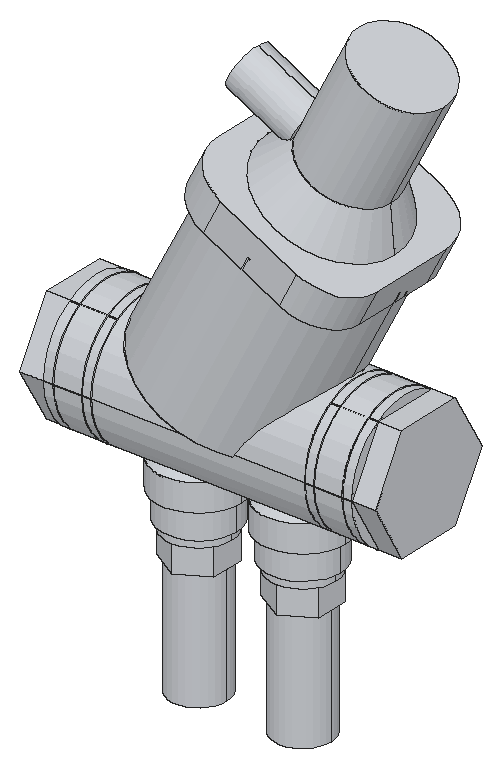
Revit family "PV_Compact_DN015_ 20-60_FF_měř_RFA_2018", category Pipe Accessories, Revit 2018
Family settings
  Round Connector Dimension = Use Diameter
  Part Type = Valve - Breaks Into
  Work Plane-Based = No
  Always vertical = Yes
  Cut with Voids When Loaded = No
  Shared = No
Parameters (values of type "PV Compact DN15 FF s měřením ( 20-60kPa)")
  magiProductId = "92c6061b2d364c498536f200ceae3f"
  magiProductFamilyId = "17221e4467384e4990f0bd3f9c07cb"
  magiPartTypeId = 304
  isMeasuringValve [instance] = no
  ang2D [instance] = 0.00°
  Z7 = 15 mm
  Z6 = 24.6 mm
  Z5 = 57.4 mm
  Z4 = 49.2 mm
  Z3 = 8.2 mm
  Z2 = 41 mm
  XR3 = 30 mm
  XR2 = 25 mm
  XR1 = 13 mm
  W2D = 15 mm
  VersionID = "2.0/2018.12.13.2/FRESE_PV_COMPACT_PLUG_Q13_001"
  Use Minimum Symbol Size [instance] = no
  URL = "www.hydronic.cz"
  Type Comments = "závitový s vnitřním závitem; dvěma měřicími vsuvkami; PN25; dpmax=450kPa; -10~+120°C;"
  R5 = 5 mm
  R4 = 15 mm
  R3 = 10 mm
  R2 = 14 mm
  R1 = 19 mm
  QmdConnectorList = "301;D;302;D"
  Productdata [instance] = ""
  PH__ve = -PH  # -22.4 mm
  PH = 22.4 mm
  NL__ve = -NL  # -15 mm
  NL = 15 mm
  Manufacturer = "Hydronic Systems Prague s.r.o."
  MC Use Limits From Balancing Method = no
  MC Throttling Minimum Value = 0
  MC Throttling Maximum Value = 0
  MC Product Code = "53-3205 DN15; FF; nastavitelný rozsah dp=20~60kPa; Q=100~1000l/h;  kvs=2,9"
  MC Pressure Drop Minimum Value = 0.0 Pa
  MC Pressure Drop Maximum Value = 0.0 Pa
  MC Piping Given Pressure Drop [instance] = 0.0 Pa
  M5 = 32.5 mm
  M4 = 30.5 mm
  M3 = 24.5 mm
  M2 = 22.5 mm
  LP = 37.5 mm
  LM = 45 mm
  LL__ve = -LL  # -5.7 mm
  LLT__ve = -LLT  # -14.9 mm
  LLT = 14.9 mm
  LL2 = 32 mm
  LL = 5.7 mm
  L3 = 11 mm
  L2D_Min = 30.48 mm
  L2D = 65 mm
  Description = "Nastavitelný regulátor tlakové diference"
  DR1 = no
  DR0 = yes
  DL2 = 66 mm
  D = 15 mm
  CenSd_R2_6 = R2 * cos(30.00°)  # 12.124 mm
  CAT0 = yes
  C0D1 = no
  C0D0 = yes
Types (10, lengths in mm): name | magiProductId | Z6 | Z5 | Z4 | Z3 | Z2 | XR3 | XR2 | XR1 | R2 | R1 | PH__ve | PH | NL__ve | NL | MC Product Code | M5 | M4 | M3 | M2 | LP | LM | LL__ve | LLT__ve | LLT | LL2 | LL | L3 | D | CenSd_R2_6
  PV Compact DN15 FF s měřením ( 20-60kPa) | "92c6061b2d364c498536f200ceae3f" | 24.6 | 57.4 | 49.2 | 8.2 | 41 | 30 | 25 | 13 | 14 | 19 | -22.4 | 22.4 | -15 | 15 | "53-3205 DN15; FF; nastavitelný rozsah dp=20~60kPa; Q=100~1000l/h;  kvs=2,9" | 32.5 | 30.5 | 24.5 | 22.5 | 37.5 | 45 | -5.7 | -14.9 | 14.9 | 32 | 5.7 | 11 | 15 | 12.124
  PV Compact DN15 FF s měřením (  5-30kPa) | "f361d342a5c3496a8b127ae77303d4" | 24.6 | 57.4 | 49.2 | 8.2 | 41 | 30 | 25 | 13 | 14 | 19 | -22.4 | 22.4 | -15 | 15 | "53-3204 DN15; FF; nastavitelný rozsah dp=5~30kPa; Q=50~600l/h;  kvs=2,9" | 32.5 | 30.5 | 24.5 | 22.5 | 37.5 | 45 | -5.7 | -14.9 | 14.9 | 32 | 5.7 | 11 | 15 | 12.124
  PV Compact DN20 FF s měřením ( 20-60kPa) | "9f7cac6a20a942348ba3edadb25c10" | 24.6 | 57.4 | 49.2 | 8.2 | 41 | 30 | 25 | 13 | 14 | 19 | -22.4 | 22.4 | -15.8 | 15.8 | "53-3207 DN20; FF; nastavitelný rozsah dp=20~60kPa; Q=150~2000l/h;  kvs=3,5" | 33.7 | 31.7 | 25.7 | 23.7 | 39.5 | 47.4 | -5.7 | -14.9 | 14.9 | 32 | 5.7 | 11 | 20 | 12.124
  PV Compact DN20 FF s měřením (  5-30kPa) | "db23a1b537c14a0d8d3ef5b88ba9f3" | 24.6 | 57.4 | 49.2 | 8.2 | 41 | 30 | 25 | 13 | 14 | 19 | -22.4 | 22.4 | -15.8 | 15.8 | "53-3206 DN20; FF; nastavitelný rozsah dp=5~30kPa; Q=100~1000l/h;  kvs=3,5" | 33.7 | 31.7 | 25.7 | 23.7 | 39.5 | 47.4 | -5.7 | -14.9 | 14.9 | 32 | 5.7 | 11 | 20 | 12.124
  PV Compact DN25 FF s měřením (  5-30kPa) | "df9f1d59aa4a4bbbaec25e168ba07d" | 25.5 | 59.5 | 51 | 8.5 | 42.5 | 30 | 25 | 13 | 14 | 19 | -20.8 | 20.8 | -16.6 | 16.6 | "53-3208 DN25; FF; nastavitelný rozsah dp=5~30kPa; Q=600~2100l/h;  kvs=4,0" | 34.9 | 32.9 | 26.9 | 24.9 | 41.5 | 49.8 | -5.9 | -16.3 | 16.3 | 34 | 5.9 | 11 | 25 | 12.124
  PV Compact DN25L FF s měřením ( 20-80kPa) | "87b7cca8bace4074a54840dfb5d8dc" | 40.2 | 93.8 | 80.4 | 13.4 | 67 | 42.5 | 37.5 | 25.5 | 26.5 | 31.5 | -17.6 | 17.6 | -20 | 20 | "53-3211 DN25L; FF; nastavitelný rozsah dp=20~80kPa; Q=750~4200l/h;  kvs=8,7" | 40 | 38 | 32 | 30 | 50 | 60 | -6.3 | -19.1 | 19.1 | 38 | 6.3 | 11 | 25 | 22.95
  PV Compact DN25L FF s měřením (  5-30kPa) | "5f34f6c18cbb44599cc4b76a533b7b" | 40.2 | 93.8 | 80.4 | 13.4 | 67 | 42.5 | 37.5 | 25.5 | 26.5 | 31.5 | -17.6 | 17.6 | -20 | 20 | "53-3210 DN25L; FF; nastavitelný rozsah dp=5~30kPa; Q=600~2500l/h;  kvs=8,7" | 40 | 38 | 32 | 30 | 50 | 60 | -6.3 | -19.1 | 19.1 | 38 | 6.3 | 11 | 25 | 22.95
  PV Compact DN32 FF s měřením ( 20-80kPa) | "4a8a1c2c3ced401aa76adec660b182" | 40.2 | 93.8 | 80.4 | 13.4 | 67 | 42.5 | 37.5 | 25.5 | 26.5 | 31.5 | -13.6 | 13.6 | -20.8 | 20.8 | "53-3214 DN32; FF; nastavitelný rozsah dp=20~80kPa; Q=1000~5000l/h;  kvs=10,1" | 41.2 | 39.2 | 33.2 | 31.2 | 52 | 62.4 | -6.8 | -22.6 | 22.6 | 43 | 6.8 | 25 | 32 | 22.95
  PV Compact DN40 FF s měřením ( 20-80kPa) | "8dd334465d8f48dd802c3dab6bec5b" | 46.8 | 109.2 | 93.6 | 15.6 | 78 | 42.5 | 37.5 | 25.5 | 26.5 | 31.5 | -11.2 | 11.2 | -27.6 | 27.6 | "53-3216 DN40; FF; nastavitelný rozsah dp=20~80kPa; Q=3000~8000l/h;  kvs=15,8" | 51.4 | 49.4 | 43.4 | 41.4 | 69 | 82.8 | -7.1 | -24.7 | 24.7 | 46 | 7.1 | 25 | 40 | 22.95
  PV Compact DN50 FF s měřením ( 20-80kPa) | "de24153ded7e41748f92358b184bd6" | 46.8 | 109.2 | 93.6 | 15.6 | 78 | 42.5 | 37.5 | 25.5 | 35.25 | 31.5 | -6.4 | 6.4 | -27.6 | 27.6 | "53-3218 DN50; FF; nastavitelný rozsah dp=20~80kPa; Q=5000~11500l/h;  kvs=16,2" | 51.4 | 49.4 | 43.4 | 41.4 | 69 | 82.8 | -7.7 | -28.9 | 28.9 | 52 | 7.7 | 25 | 50 | 30.527
Reference planes
  plane 1 "Center (Front/Back)": y = 0
  plane 2 "XYPLANE": z = 0
  plane 3 "Center (Left/Right)": x = 0
  plane 4 "408": x = 37.5
  plane 5 "407": x = -37.5
  plane 6 "402": z = -66
  plane 7 "213": x = 11
  plane 8 "168": z = -10.9
  plane 9 "167": z = -12.9
  plane 10 "166": z = -18.6
  plane 11 "165": z = -24.3
  plane 12 "164": z = -26.3
  plane 13 "154": z = 0
  plane 14 "152": y = 0
  plane 15 "151": z = -32
  plane 16 "150": x = -11
  plane 17 "75": through (318.218, 0, 679.605) normal (0.891, 0, -0.454)
  plane 18 "74": x = 32.5
  plane 19 "73": x = 30.5
  plane 20 "72": x = 24.5
  plane 21 "71": x = 22.5
  plane 22 "70": x = -32.5
  plane 23 "69": x = -30.5
  plane 24 "68": x = -24.5
  plane 25 "67": y = 0
  plane 26 "66": through (-666.893, 0, 343.166) normal (0.454, 0, 0.891)
  plane 27 "65": x = -22.5
  plane 28 "64": through (335.147, 0, 670.979) normal (0.891, 0, -0.454)
  plane 29 "63": through (-649.641, 0, 377.024) normal (0.454, 0, 0.891)
  plane 30 "62": through (352.076, 0, 662.353) normal (0.891, 0, -0.454)
  plane 31 "61": y = 19
  plane 32 "60": y = -19
  plane 33 "59": through (-645.919, 0, 384.33) normal (0.454, 0, 0.891)
  plane 34 "58": through (-642.196, 0, 391.637) normal (0.454, 0, 0.891)
  plane 35 "57": through (313.763, 0, 681.875) normal (0.891, 0, -0.454)
  plane 36 "56": x = 0
  plane 37 "55": through (-668.255, 0, 340.493) normal (0.454, 0, 0.891)
  plane 38 "102XY": through (-668.255, 0, 340.493) normal (0.454, 0, 0.891)
  plane 39 "102XZ": y = 0
  plane 40 "102YZ": through (340.493, 0, 668.255) normal (0.891, 0, -0.454)
Forms (mm)
  Extrusion 1, solid
    sketch origin (37.5, -750, 0) x (0, 1, 0) y (0, 0, 1)
      loop
        line (764, 0) -> (757, 12.124) -> (743, 12.124) -> (736, 0) -> (743, -12.124) -> (757, -12.124) -> (764, 0)
    from 0 to -15 <- "NL__ve"
  Extrusion 2, solid
    sketch origin (-37.5, -750, 0) x (0, 1, 0) y (0, 0, 1)
      loop
        line (736, 0) -> (743, -12.124) -> (757, -12.124) -> (764, 0) -> (757, 12.124) -> (743, 12.124) -> (736, 0)
    from 0 to 15 <- "NL"
  Extrusion 3, solid, visible <- "C0D1"
    sketch origin (-750, 0, -66) x (1, 0, 0) y (0, 1, 0)
      loop
        circle (761, 0) r 10
    from 0 to 50
  Extrusion 4, solid, visible <- "DR1"
    sketch origin (-750, 0, -18.6) x (1, 0, 0) y (0, 1, 0)
      loop
        line (761, -12) -> (771.392, -6) -> (771.392, 6) -> (761, 12) -> (750.608, 6) -> (750.608, -6) -> (761, -12)
    from 0 to -22.4 <- "PH__ve"
  Extrusion 5, solid, visible <- "DR1"
    sketch origin (-750, 0, -18.6) x (1, 0, 0) y (0, 1, 0)
      loop
        circle (761, 0) r 10
    from 0 to 5.7 <- "LL"
  Blend 6, solid, visible <- "DR1"
    base sketch origin (-750, 0, -10.9) x (1, 0, 0) y (0, 1, 0)
      loop
        circle (761, 0) r 7.5
    top sketch origin (-750, 0, -10.9) x (1, 0, 0) y (0, 1, 0)
      loop
        circle (761, 0) r 10
    from 0 to -2
  Extrusion 7, solid, visible <- "DR1"
    sketch origin (-750, 0, 0) x (1, 0, 0) y (0, 1, 0)
      loop
        circle (761, 0) r 7.5
    from 0 to -14.9 <- "LLT__ve"
  Extrusion 8, solid, visible <- "C0D0"
    sketch origin (-750, 0, -32) x (1, 0, 0) y (0, 1, 0)
      loop
        circle (761, 0) r 6
    from 0 to -25
  Extrusion 9, solid, visible <- "DR0"
    sketch origin (-750, 0, -26.3) x (1, 0, 0) y (0, 1, 0)
      loop
        line (761, -7) -> (767.062, -3.5) -> (767.062, 3.5) -> (761, 7) -> (754.938, 3.5) -> (754.938, -3.5) -> (761, -7)
    from 0 to -5.7 <- "LL__ve"
  Extrusion 10, solid, visible <- "DR0"
    sketch origin (-750, 0, -26.3) x (1, 0, 0) y (0, 1, 0)
      loop
        circle (761, 0) r 7
    from 0 to 2
  Extrusion 11, solid, visible <- "DR0"
    sketch origin (-750, 0, -18.6) x (1, 0, 0) y (0, 1, 0)
      loop
        circle (761, 0) r 9
    from 0 to 5.7 <- "LL"
  Blend 12, solid, visible <- "DR0"
    base sketch origin (-750, 0, -10.9) x (1, 0, 0) y (0, 1, 0)
      loop
        circle (761, 0) r 6.5
    top sketch origin (-750, 0, -10.9) x (1, 0, 0) y (0, 1, 0)
      loop
        circle (761, 0) r 9
    from 0 to -2
  Extrusion 13, solid, visible <- "DR0"
    sketch origin (-750, 0, 0) x (1, 0, 0) y (0, 1, 0)
      loop
        circle (761, 0) r 6.5
    from 0 to -14.9 <- "LLT__ve"
  Extrusion 14, solid, visible <- "DR0"
    sketch origin (-750, 0, 0) x (1, 0, 0) y (0, 1, 0)
      loop
        circle (761, 0) r 6.5
    from 0 to -14.9 <- "LLT__ve"
  Blend 15, solid, visible <- "DR0"
    base sketch origin (-750, 0, -10.9) x (1, 0, 0) y (0, 1, 0)
      loop
        circle (761, 0) r 6.5
    top sketch origin (-750, 0, -10.9) x (1, 0, 0) y (0, 1, 0)
      loop
        circle (761, 0) r 9
    from 0 to -2
  Extrusion 16, solid, visible <- "DR0"
    sketch origin (-750, 0, -18.6) x (1, 0, 0) y (0, 1, 0)
      loop
        circle (761, 0) r 9
    from 0 to 5.7 <- "LL"
  Extrusion 17, solid, visible <- "DR0"
    sketch origin (-750, 0, -24.3) x (1, 0, 0) y (0, 1, 0)
      loop
        circle (761, 0) r 8
    from 0 to 5.7 <- "LL"
  Extrusion 18, solid, visible <- "DR0"
    sketch origin (-750, 0, -26.3) x (1, 0, 0) y (0, 1, 0)
      loop
        circle (761, 0) r 7
    from 0 to 2
  Extrusion 19, solid, visible <- "DR0"
    sketch origin (-750, 0, -26.3) x (1, 0, 0) y (0, 1, 0)
      loop
        line (761, -7) -> (767.062, -3.5) -> (767.062, 3.5) -> (761, 7) -> (754.938, 3.5) -> (754.938, -3.5) -> (761, -7)
    from 0 to -5.7 <- "LL__ve"
  Extrusion 20, solid, visible <- "C0D0"
    sketch origin (-750, 0, -32) x (1, 0, 0) y (0, 1, 0)
      loop
        circle (761, 0) r 6
    from 0 to -25
  Extrusion 21, solid, visible <- "CAT0"
    sketch origin (-750, 0, -32) x (1, 0, 0) y (0, 1, 0)
      loop
        circle (739, 0) r 6
    from 0 to -25
  Extrusion 22, solid
    sketch origin (-750, 0, -26.3) x (1, 0, 0) y (0, 1, 0)
      loop
        line (739, -7) -> (745.062, -3.5) -> (745.062, 3.5) -> (739, 7) -> (732.938, 3.5) -> (732.938, -3.5) -> (739, -7)
    from 0 to -5.7 <- "LL__ve"
  Extrusion 23, solid
    sketch origin (-750, 0, -26.3) x (1, 0, 0) y (0, 1, 0)
      loop
        circle (739, 0) r 7
    from 0 to 2
  Extrusion 24, solid
    sketch origin (-750, 0, -24.3) x (1, 0, 0) y (0, 1, 0)
      loop
        circle (739, 0) r 8
    from 0 to 5.7 <- "LL"
  Extrusion 25, solid
    sketch origin (-750, 0, -18.6) x (1, 0, 0) y (0, 1, 0)
      loop
        circle (739, 0) r 9
    from 0 to 5.7 <- "LL"
  Blend 26, solid
    base sketch origin (-750, 0, -10.9) x (1, 0, 0) y (0, 1, 0)
      loop
        circle (739, 0) r 6.5
    top sketch origin (-750, 0, -10.9) x (1, 0, 0) y (0, 1, 0)
      loop
        circle (739, 0) r 9
    from 0 to -2
  Extrusion 27, solid
    sketch origin (-750, 0, 0) x (1, 0, 0) y (0, 1, 0)
      loop
        circle (739, 0) r 6.5
    from 0 to -14.9 <- "LLT__ve"
  Blend 28, solid, visible <- "CAT0"
    base sketch origin (30.5, -750, 0) x (0, 1, 0) y (0, 0, 1)
      loop
        circle (750, 0) r 14
    top sketch origin (30.5, -750, 0) x (0, 1, 0) y (0, 0, 1)
      loop
        circle (750, 0) r 14
    from 0 to 2
  Extrusion 29, solid, visible <- "CAT0"
    sketch origin (24.5, -750, 0) x (0, 1, 0) y (0, 0, 1)
      loop
        circle (750, 0) r 14
    from 0 to 6
  Blend 30, solid, visible <- "CAT0"
    base sketch origin (22.5, -750, 0) x (0, 1, 0) y (0, 0, 1)
      loop
        circle (750, 0) r 14
    top sketch origin (22.5, -750, 0) x (0, 1, 0) y (0, 0, 1)
      loop
        circle (750, 0) r 14
    from 0 to 2
  Blend 31, solid, visible <- "CAT0"
    base sketch origin (-30.5, -750, 0) x (0, 1, 0) y (0, 0, 1)
      loop
        circle (750, 0) r 14
    top sketch origin (-30.5, -750, 0) x (0, 1, 0) y (0, 0, 1)
      loop
        circle (750, 0) r 14
    from 0 to -2
  Extrusion 32, solid, visible <- "CAT0"
    sketch origin (-30.5, -750, 0) x (0, 1, 0) y (0, 0, 1)
      loop
        circle (750, 0) r 14
    from 0 to 6
  Blend 33, solid, visible <- "CAT0"
    base sketch origin (-24.5, -750, 0) x (0, 1, 0) y (0, 0, 1)
      loop
        circle (750, 0) r 14
    top sketch origin (-24.5, -750, 0) x (0, 1, 0) y (0, 0, 1)
      loop
        circle (750, 0) r 14
    from 0 to 2
  Extrusion 34, solid, visible <- "CAT0"
    sketch origin (-22.5, -750, 0) x (0, 1, 0) y (0, 0, 1)
      loop
        circle (750, 0) r 14
    from 0 to 45 <- "LM"
  Extrusion 35, solid, visible <- "CAT0"
    sketch origin (-666.893, 0, 343.166) x (0.891007, 0, -0.45399) y (0, 1, 0)
      loop
        circle (744, 0) r 19
    from 0 to 41 <- "Z2"
  Extrusion 36, solid, visible <- "CAT0"
    sketch origin (-649.641, 0, 377.024) x (0.891007, 0, -0.45399) y (0, 1, 0)
      loop
        arc (735, 19) -> (727.929, 16.071) -> (725, 9) r 10
        line (725, 9) -> (725, -9)
        arc (725, -9) -> (727.929, -16.071) -> (735, -19) r 10
        line (735, -19) -> (753, -19)
        arc (753, -19) -> (760.071, -16.071) -> (763, -9) r 10
        line (763, -9) -> (763, 9)
        arc (763, 9) -> (760.071, 16.071) -> (753, 19) r 10
        line (753, 19) -> (735, 19)
    from 0 to 8.2 <- "Z3"
  Blend 37, solid, visible <- "CAT0"
    base sketch origin (-645.919, 0, 384.33) x (0.891007, 0, -0.45399) y (0, 1, 0)
      loop
        circle (744, 0) r 15
    top sketch origin (-645.919, 0, 384.33) x (0.891007, 0, -0.45399) y (0, 1, 0)
      loop
        circle (744, 0) r 10
    from 0 to 8.2
  Extrusion 38, solid, visible <- "CAT0"
    sketch origin (-642.196, 0, 391.637) x (0.891007, 0, -0.45399) y (0, 1, 0)
      loop
        circle (744, 0) r 10
    from 0 to 24.6 <- "Z6"
  Extrusion 39, solid, visible <- "CAT0"
    sketch origin (313.763, 0, 681.875) x (-0.45399, 0, -0.891007) y (0, 1, 0)
      loop
        circle (692.6, 0) r 5
    from 0 to 15 <- "Z7"
  Blend 40, solid, visible <- "CAT0"
    base sketch origin (-668.255, 0, 340.493) x (0.891007, 0, -0.45399) y (0, 1, 0)
      loop
        circle (744, 0) r 15
    top sketch origin (-668.255, 0, 340.493) x (0.891007, 0, -0.45399) y (0, 1, 0)
      loop
        circle (744, 0) r 19
    from 0 to 3
  Extrusion 41, solid, not visible
    sketch origin (-32.5, -750, 0) x (0, 1, 0) y (0, 0, 1)
      loop
        circle (750, 0) r 10
    from 0 to 10
  Extrusion 42, solid, not visible
    sketch origin (32.5, -750, 0) x (0, 1, 0) y (0, 0, 1)
      loop
        circle (750, 0) r 10
    from 0 to -10
Lines and regions (mm)
  reference lines, not visible
    curve 1: circle (2, 2, 0) r 1 normal (0, 0, 1)
  reference lines
    curve 2: line (37.5, 0, 0) -> (37.5, -3.5, 6.062)
    curve 3: line (37.5, 0, 0) -> (37.5, -7, 0)
    curve 4: line (37.5, 0, 0) -> (37.5, -3.5, -6.062)
    curve 5: line (-37.5, 0, 0) -> (-37.5, 3.5, 6.062)
    curve 6: line (-37.5, 0, 0) -> (-37.5, 7, 0)
    curve 7: line (-37.5, 0, 0) -> (-37.5, 3.5, -6.062)
Dimensions and locks
  plane 1 "Center (Front/Back)" to curve 1 = 2 mm
  "LP": plane 36 "56" to plane 4 "408"
  "LP": plane 36 "56" to plane 5 "407"
  "DL2": plane 2 "XYPLANE" to plane 6 "402"
  "L3": plane 3 "Center (Left/Right)" to plane 7 "213"
  locked: plane 9 "167" to plane 8 "168" at 2
  "LL": plane 10 "166" to plane 9 "167"
  "LL": plane 11 "165" to plane 10 "166"
  locked: plane 12 "164" to plane 11 "165" at 2
  "LL": plane 15 "151" to plane 12 "164"
  locked: plane 2 "XYPLANE" to plane 13 "154"
  locked: plane 1 "Center (Front/Back)" to plane 14 "152"
  "LL2": plane 2 "XYPLANE" to plane 15 "151"
  "L3": plane 3 "Center (Left/Right)" to plane 16 "150"
  "XR2": plane 40 "102YZ" to plane 17 "75"
  "M5": plane 3 "Center (Left/Right)" to plane 18 "74"
  "M4": plane 3 "Center (Left/Right)" to plane 19 "73"
  "M3": plane 3 "Center (Left/Right)" to plane 20 "72"
  "M2": plane 3 "Center (Left/Right)" to plane 21 "71"
  "M5": plane 3 "Center (Left/Right)" to plane 22 "70"
  "M4": plane 3 "Center (Left/Right)" to plane 23 "69"
  "M3": plane 3 "Center (Left/Right)" to plane 24 "68"
  locked: plane 14 "152" to plane 25 "67"
  locked: plane 38 "102XY" to plane 26 "66" at 3
  "M2": plane 3 "Center (Left/Right)" to plane 27 "65"
  locked: plane 40 "102YZ" to plane 28 "64" at 6
  "Z2": plane 38 "102XY" to plane 29 "63"
  "XR1": plane 40 "102YZ" to plane 30 "62"
  "R1": plane 14 "152" to plane 31 "61"
  "R1": plane 14 "152" to plane 32 "60"
  "Z4": plane 38 "102XY" to plane 33 "59"
  "Z5": plane 38 "102XY" to plane 34 "58"
  "XR3": plane 40 "102YZ" to plane 35 "57"
  locked: plane 3 "Center (Left/Right)" to plane 36 "56"
  locked: plane 38 "102XY" to plane 37 "55"
  "CenSd_R2_6": curve 2 to Extrusion 1 sketch curve  (x2)
  "CenSd_R2_6": curve 3 to Extrusion 1 sketch curve  (x2)
  "CenSd_R2_6": curve 4 to Extrusion 1 sketch curve  (x2)
  Extrusion 1 sketch curve to Extrusion 1 sketch curve = 0 mm  (x12)
  "CenSd_R2_6": curve 5 to Extrusion 2 sketch curve  (x2)
  "CenSd_R2_6": curve 6 to Extrusion 2 sketch curve  (x2)
  "CenSd_R2_6": curve 7 to Extrusion 2 sketch curve  (x2)
  Extrusion 2 sketch curve to Extrusion 2 sketch curve = 0 mm  (x12)
  Extrusion 4 sketch curve to Extrusion 4 sketch curve = 0 mm  (x12)
  Extrusion 9 sketch curve to Extrusion 9 sketch curve = 0 mm  (x12)
  Extrusion 19 sketch curve to Extrusion 19 sketch curve = 0 mm  (x12)
  Extrusion 22 sketch curve to Extrusion 22 sketch curve = 0 mm  (x12)
  Extrusion 36 sketch curve to Extrusion 36 sketch curve = 0 mm  (x16)
  "R2": radius of Blend 28 sketch curve  (x2)
  "R2": radius of Extrusion 29 sketch curve
  "R2": radius of Blend 30 sketch curve  (x2)
  "R2": radius of Blend 31 sketch curve  (x2)
  "R2": radius of Extrusion 32 sketch curve
  "R2": radius of Blend 33 sketch curve  (x2)
  "R2": radius of Extrusion 34 sketch curve
  "R1": radius of Extrusion 35 sketch curve
  radius of Extrusion 36 sketch curve = 10 mm  (x4)
  "R3": radius of Blend 37 sketch curve
  "R4": radius of Blend 37 sketch curve
  "R3": radius of Extrusion 38 sketch curve
  "R5": radius of Extrusion 39 sketch curve
  "R1": radius of Blend 40 sketch curve
  locked: curve 3 to curve 2 (angle 60.00°)
  locked: curve 4 to curve 3 (angle 60.00°)
  locked: curve 4 to curve 2 (angle 120.00°)
  locked: curve 6 to curve 5 (angle 60.00°)
  locked: curve 7 to curve 6 (angle 60.00°)
  locked: curve 7 to curve 5 (angle 120.00°)
  aligned and locked: level to plane 2 "XYPLANE"
  aligned and locked: plane 13 "154" to curve 4
  aligned and locked: curve 4 to plane 14 "152"
  aligned and locked: plane 13 "154" to curve 7
  aligned and locked: curve 7 to plane 14 "152"
  aligned and locked: plane 7 "213" to Extrusion 3 sketch curve
  aligned and locked: plane 14 "152" to Extrusion 3 sketch curve
  aligned and locked: plane 7 "213" to Extrusion 5 sketch curve
  aligned and locked: plane 14 "152" to Extrusion 5 sketch curve
  aligned and locked: plane 7 "213" to Blend 6 sketch curve  (x2)
  aligned and locked: plane 14 "152" to Blend 6 sketch curve  (x2)
  aligned and locked: Blend 6 to plane 9 "167"
  aligned and locked: plane 7 "213" to Extrusion 7 sketch curve
  aligned and locked: plane 14 "152" to Extrusion 7 sketch curve
  aligned and locked: plane 7 "213" to Extrusion 8 sketch curve
  aligned and locked: plane 14 "152" to Extrusion 8 sketch curve
  aligned and locked: plane 7 "213" to Extrusion 10 sketch curve
  aligned and locked: plane 14 "152" to Extrusion 10 sketch curve
  aligned and locked: plane 7 "213" to Extrusion 11 sketch curve
  aligned and locked: plane 14 "152" to Extrusion 11 sketch curve
  aligned and locked: plane 7 "213" to Blend 12 sketch curve  (x2)
  aligned and locked: plane 14 "152" to Blend 12 sketch curve  (x2)
  aligned and locked: Blend 12 to plane 9 "167"
  aligned and locked: plane 7 "213" to Extrusion 13 sketch curve
  aligned and locked: plane 14 "152" to Extrusion 13 sketch curve
  aligned and locked: plane 7 "213" to Extrusion 14 sketch curve
  aligned and locked: plane 14 "152" to Extrusion 14 sketch curve
  aligned and locked: plane 7 "213" to Blend 15 sketch curve  (x2)
  aligned and locked: plane 14 "152" to Blend 15 sketch curve  (x2)
  aligned and locked: Blend 15 to plane 9 "167"
  aligned and locked: plane 7 "213" to Extrusion 16 sketch curve
  aligned and locked: plane 14 "152" to Extrusion 16 sketch curve
  aligned and locked: plane 7 "213" to Extrusion 17 sketch curve
  aligned and locked: plane 14 "152" to Extrusion 17 sketch curve
  aligned and locked: plane 7 "213" to Extrusion 18 sketch curve
  aligned and locked: plane 14 "152" to Extrusion 18 sketch curve
  aligned and locked: plane 7 "213" to Extrusion 20 sketch curve
  aligned and locked: plane 14 "152" to Extrusion 20 sketch curve
  aligned and locked: plane 14 "152" to Extrusion 21 sketch curve
  aligned and locked: plane 16 "150" to Extrusion 21 sketch curve
  aligned and locked: plane 14 "152" to Extrusion 23 sketch curve
  aligned and locked: plane 16 "150" to Extrusion 23 sketch curve
  aligned and locked: plane 14 "152" to Extrusion 24 sketch curve
  aligned and locked: plane 16 "150" to Extrusion 24 sketch curve
  aligned and locked: plane 14 "152" to Extrusion 25 sketch curve
  aligned and locked: plane 16 "150" to Extrusion 25 sketch curve
  aligned and locked: plane 14 "152" to Blend 26 sketch curve  (x2)
  aligned and locked: plane 16 "150" to Blend 26 sketch curve  (x2)
  aligned and locked: Blend 26 to plane 9 "167"
  aligned and locked: plane 14 "152" to Extrusion 27 sketch curve
  aligned and locked: plane 16 "150" to Extrusion 27 sketch curve
  aligned and locked: plane 13 "154" to Blend 28 sketch curve  (x2)
  aligned and locked: Blend 28 sketch curve to plane 14 "152"  (x2)
  aligned and locked: plane 18 "74" to Blend 28
  aligned and locked: plane 13 "154" to Extrusion 29 sketch curve
  aligned and locked: Extrusion 29 sketch curve to plane 14 "152"
  aligned and locked: plane 13 "154" to Blend 30 sketch curve  (x2)
  aligned and locked: Blend 30 sketch curve to plane 14 "152"  (x2)
  aligned and locked: plane 20 "72" to Blend 30
  aligned and locked: plane 13 "154" to Blend 31 sketch curve  (x2)
  aligned and locked: Blend 31 sketch curve to plane 14 "152"  (x2)
  aligned and locked: Blend 31 to plane 22 "70"
  aligned and locked: plane 13 "154" to Extrusion 32 sketch curve
  aligned and locked: Extrusion 32 sketch curve to plane 14 "152"
  aligned and locked: plane 13 "154" to Blend 33 sketch curve  (x2)
  aligned and locked: Blend 33 sketch curve to plane 14 "152"  (x2)
  aligned and locked: plane 27 "65" to Blend 33
  aligned and locked: plane 13 "154" to Extrusion 34 sketch curve
  aligned and locked: Extrusion 34 sketch curve to plane 14 "152"
  aligned and locked: plane 25 "67" to Extrusion 35 sketch curve
  aligned and locked: Extrusion 35 sketch curve to plane 28 "64"
  aligned and locked: Extrusion 36 sketch curve to plane 17 "75"
  aligned and locked: Extrusion 36 sketch curve to plane 32 "60"
  aligned and locked: Extrusion 36 sketch curve to plane 30 "62"
  aligned and locked: plane 31 "61" to Extrusion 36 sketch curve
  aligned and locked: plane 25 "67" to Blend 37 sketch curve  (x2)
  aligned and locked: Blend 37 sketch curve to plane 28 "64"  (x2)
  aligned and locked: plane 34 "58" to Blend 37
  aligned and locked: plane 25 "67" to Extrusion 38 sketch curve
  aligned and locked: Extrusion 38 sketch curve to plane 28 "64"
  aligned and locked: plane 25 "67" to Extrusion 39 sketch curve
  aligned and locked: plane 34 "58" to Extrusion 39 sketch curve
  aligned and locked: plane 25 "67" to Blend 40 sketch curve  (x2)
  aligned and locked: Blend 40 sketch curve to plane 28 "64"  (x2)
  aligned and locked: plane 26 "66" to Blend 40
  aligned and locked: plane 13 "154" to Extrusion 41 sketch curve
  aligned and locked: Extrusion 41 sketch curve to plane 14 "152"
  aligned and locked: plane 13 "154" to Extrusion 42 sketch curve
  aligned and locked: Extrusion 42 sketch curve to plane 14 "152"
Automatic sketch dimensions
  plane 3 "Center (Left/Right)" to Extrusion 3 sketch curve = 1 mm
  Extrusion 4 sketch curve to plane 7 "213" = 0 mm  (x2)
  plane 3 "Center (Left/Right)" to Extrusion 4 sketch curve = 0.608 mm
  Extrusion 4 sketch curve to plane 21 "71" = 1.108 mm
  plane 32 "60" to Extrusion 4 sketch curve = 7 mm
  plane 1 "Center (Front/Back)" to Extrusion 4 sketch curve = 6 mm  (x2)
  Extrusion 4 sketch curve to plane 1 "Center (Front/Back)" = 6 mm  (x2)
  Extrusion 4 sketch curve to plane 31 "61" = 7 mm
  plane 3 "Center (Left/Right)" to Extrusion 5 sketch curve = 1 mm
  plane 3 "Center (Left/Right)" to Blend 6 sketch curve = 3.5 mm
  plane 3 "Center (Left/Right)" to Blend 6 sketch curve = 1 mm
  plane 3 "Center (Left/Right)" to Extrusion 7 sketch curve = 3.5 mm
  plane 3 "Center (Left/Right)" to Extrusion 8 sketch curve = 5 mm
  Extrusion 9 sketch curve to plane 7 "213" = 0 mm  (x2)
  plane 3 "Center (Left/Right)" to Extrusion 9 sketch curve = 4.938 mm
  Extrusion 9 sketch curve to plane 21 "71" = 5.438 mm
  plane 1 "Center (Front/Back)" to Extrusion 9 sketch curve = 7 mm
  plane 1 "Center (Front/Back)" to Extrusion 9 sketch curve = 3.5 mm  (x2)
  Extrusion 9 sketch curve to plane 1 "Center (Front/Back)" = 3.5 mm  (x2)
  Extrusion 9 sketch curve to Extrusion 9 sketch curve = 3.5 mm
  plane 3 "Center (Left/Right)" to Extrusion 10 sketch curve = 4 mm
  plane 3 "Center (Left/Right)" to Extrusion 11 sketch curve = 2 mm
  plane 3 "Center (Left/Right)" to Blend 12 sketch curve = 4.5 mm
  plane 3 "Center (Left/Right)" to Blend 12 sketch curve = 2 mm
  plane 3 "Center (Left/Right)" to Extrusion 13 sketch curve = 4.5 mm
  plane 3 "Center (Left/Right)" to Extrusion 14 sketch curve = 4.5 mm
  plane 3 "Center (Left/Right)" to Blend 15 sketch curve = 4.5 mm
  plane 3 "Center (Left/Right)" to Blend 15 sketch curve = 2 mm
  plane 3 "Center (Left/Right)" to Extrusion 16 sketch curve = 2 mm
  plane 3 "Center (Left/Right)" to Extrusion 17 sketch curve = 3 mm
  plane 3 "Center (Left/Right)" to Extrusion 18 sketch curve = 4 mm
  Extrusion 19 sketch curve to plane 7 "213" = 0 mm  (x2)
  plane 3 "Center (Left/Right)" to Extrusion 19 sketch curve = 4.938 mm
  Extrusion 19 sketch curve to plane 21 "71" = 5.438 mm
  plane 1 "Center (Front/Back)" to Extrusion 19 sketch curve = 7 mm
  plane 1 "Center (Front/Back)" to Extrusion 19 sketch curve = 3.5 mm  (x2)
  Extrusion 19 sketch curve to plane 1 "Center (Front/Back)" = 3.5 mm  (x2)
  Extrusion 19 sketch curve to Extrusion 19 sketch curve = 3.5 mm
  plane 3 "Center (Left/Right)" to Extrusion 20 sketch curve = 5 mm
  plane 27 "65" to Extrusion 21 sketch curve = 5.5 mm
  Extrusion 22 sketch curve to plane 16 "150" = 0 mm  (x2)
  plane 27 "65" to Extrusion 22 sketch curve = 5.438 mm
  Extrusion 22 sketch curve to plane 3 "Center (Left/Right)" = 4.938 mm
  plane 1 "Center (Front/Back)" to Extrusion 22 sketch curve = 7 mm
  plane 1 "Center (Front/Back)" to Extrusion 22 sketch curve = 3.5 mm  (x2)
  Extrusion 22 sketch curve to plane 1 "Center (Front/Back)" = 3.5 mm  (x2)
  Extrusion 22 sketch curve to Extrusion 22 sketch curve = 3.5 mm
  plane 27 "65" to Extrusion 23 sketch curve = 4.5 mm
  plane 27 "65" to Extrusion 24 sketch curve = 3.5 mm
  plane 27 "65" to Extrusion 25 sketch curve = 2.5 mm
  plane 27 "65" to Blend 26 sketch curve = 5 mm
  plane 27 "65" to Blend 26 sketch curve = 2.5 mm
  plane 27 "65" to Extrusion 27 sketch curve = 5 mm
  plane 17 "75" to Blend 40 sketch curve = 4 mm
  plane 32 "60" to Extrusion 41 sketch curve = 9 mm
  plane 32 "60" to Extrusion 42 sketch curve = 9 mm
  plane 3 "Center (Left/Right)" to curve 1 = 2 mm
  radius of curve 1 = 1 mm
Connectors
  piping at (-32.5, 0, 0), diameter 15, driven by "D"
    settings: on Extrusion 41, index 1, connector inside diameter 609.6 mm, connector length 0 mm, flow factor 0, pipe flow 0.0 L/s, pressure drop 0.0 Pa, fitting loss kfactor 0, connector angle 0.00°, fixture units 0, engagement length 0 mm, angle of deflection 0.00°, flow configuration 0, flow direction 0, fitting loss method 0, system type 29, joint type 0, gender type 0, connector reference index 2, connector utility 0, adjustable connector no, is connector primary yes, connector description ""
  piping at (32.5, 0, 0), diameter 15, driven by "D"
    settings: on Extrusion 42, index 2, connector inside diameter 609.6 mm, connector length 0 mm, flow factor 0, pipe flow 0.0 L/s, pressure drop 0.0 Pa, fitting loss kfactor 0, connector angle 0.00°, fixture units 0, engagement length 0 mm, angle of deflection 0.00°, flow configuration 0, flow direction 0, fitting loss method 0, system type 29, joint type 0, gender type 0, connector reference index 1, connector utility 0, adjustable connector no, is connector primary no, connector description ""
